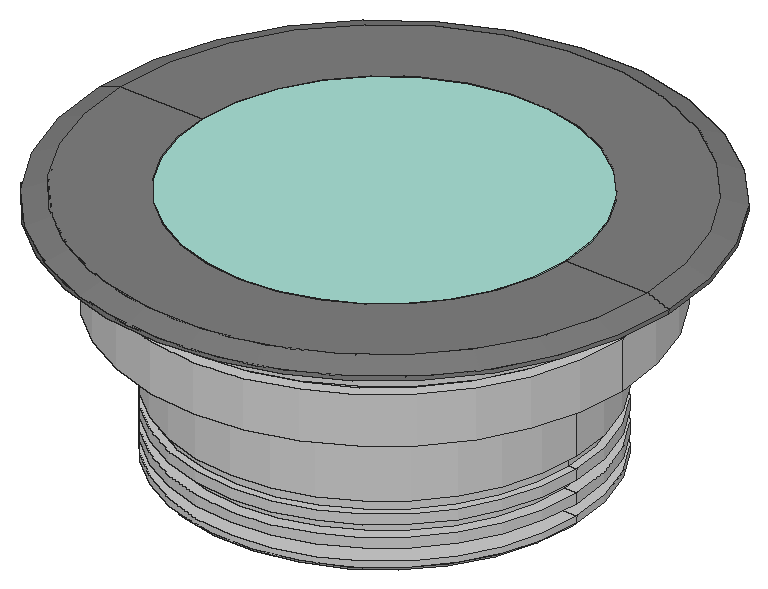
Revit family "Bright 5.F", category Lighting Fixtures, host Face, Revit 2017 (continued)
Types (16, lengths in mm): name | Wattage | Power | Photometric Web File | Optics | built-in parameter 1150142 | built-in parameter 1150105 | Lumens | built-in parameter 1150106 | Apparent Load Phase 1
    0.00 0.00 0.00 0.00 0.00 0.00 0.00 0.00 0.00 0.00 \r\n0.00 \r\n4679.93 4596.21 4437.11 4166.63 3811.28 3429.05 3033.84 \r\n2618.55 2238.60 1877.28 1573.75 1316.87 1084.91 904.01 \r\n761.41 645.68 554.57 476.78 412.32 360.19 313.83 274.26 \r\n241.39 211.42 185.93 163.50 143.48 127.13 112.41 99.50 \r\n88.57 79.17 70.60 63.05 56.58 50.65 45.14 40.13 35.25 \r\n30.97 27.41 24.25 21.84 19.93 18.32 16.83 15.42 14.15 \r\n12.88 11.62 10.45 9.21 7.99 6.91 5.97 5.17 4.46 3.84 3.35 \r\n2.93 2.59 2.32 2.08 1.88 1.70 1.53 1.39 1.25 1.13 1.02 \r\n0.91 0.80 0.68 0.57 0.47 0.40 0.35 0.32 0.29 0.26 0.24 \r\n0.22 0.20 0.18 0.16 0.14 0.12 0.10 0.06 0.02 0.01 0.00 \r\n0.00 0.00 0.00 0.00 0.00 0.00 0.00 0.00 0.00 0.00 0.00 \r\n0.00 0.00 0.00 0.00 0.00 0.00 0.00 0.00 0.00 0.00 0.00 \r\n0.00 0.00 0.00 0.00 0.00 0.00 0.00 0.00 0.00 0.00 0.00 \r\n0.00 0.00 0.00 0.00 0.00 0.00 0.00 0.00 0.00 0.00 0.00 \r\n0.00 0.00 0.00 0.00 0.00 0.00 0.00 0.00 0.00 0.00 0.00 \r\n0.00 0.00 0.00 0.00 0.00 0.00 0.00 0.00 0.00 0.00 0.00 \r\n0.00 0.00 0.00 0.00 0.00 0.00 0.00 0.00 0.00 0.00 0.00 \r\n0.00 0.00 0.00 0.00 0.00 0.00 0.00 0.00 0.00 0.00 0.00 \r\n0.00 \r\n4679.93 4594.67 4394.47 4132.98 3775.99 3385.01 2982.79 \r\n2601.19 2206.29 1844.73 1537.55 1275.99 1053.30 872.78 \r\n738.22 623.89 535.33 459.67 399.69 347.45 302.36 264.40 \r\n232.64 203.32 178.02 156.37 137.93 122.04 107.35 95.47 \r\n84.86 75.73 67.67 60.64 54.37 49.07 43.80 38.83 34.28 \r\n30.33 26.95 24.03 21.63 19.70 18.06 16.58 15.26 13.92 \r\n12.65 11.36 10.02 8.71 7.64 6.66 5.86 5.18 4.56 4.01 3.48 \r\n3.01 2.63 2.35 2.11 1.90 1.72 1.56 1.41 1.27 1.15 1.04 \r\n0.92 0.81 0.70 0.58 0.48 0.40 0.35 0.32 0.29 0.26 0.24 \r\n0.22 0.20 0.18 0.16 0.14 0.12 0.10 0.07 0.04 0.01 0.00 \r\n0.00 0.00 0.00 0.00 0.00 0.00 0.00 0.00 0.00 0.00 0.00 \r\n0.00 0.00 0.00 0.00 0.00 0.00 0.00 0.00 0.00 0.00 0.00 \r\n0.00 0.00 0.00 0.00 0.00 0.00 0.00 0.00 0.00 0.00 0.00 \r\n0.00 0.00 0.00 0.00 0.00 0.00 0.00 0.00 0.00 0.00 0.00 \r\n0.00 0.00 0.00 0.00 0.00 0.00 0.00 0.00 0.00 0.00 0.00 \r\n0.00 0.00 0.00 0.00 0.00 0.00 0.00 0.00 0.00 0.00 0.00 \r\n0.00 0.00 0.00 0.00 0.00 0.00 0.00 0.00 0.00 0.00 0.00 \r\n0.00 0.00 0.00 0.00 0.00 0.00 0.00 0.00 0.00 0.00 0.00 \r\n0.00 \r\n4679.93 4606.64 4420.25 4134.34 3780.17 3370.53 2944.97 \r\n2540.94 2148.63 1787.98 1480.48 1216.59 1010.36 836.16 \r\n701.64 599.21 509.14 440.10 380.14 331.76 289.95 252.05 \r\n220.23 192.96 169.57 148.77 130.89 115.22 102.07 90.48 \r\n80.53 71.85 64.17 57.72 52.00 46.68 41.75 37.11 33.06 \r\n29.60 26.34 23.66 21.41 19.44 17.71 16.23 14.78 13.39 \r\n11.98 10.56 9.30 8.22 7.28 6.45 5.74 5.09 4.51 3.98 3.51 \r\n3.07 2.71 2.39 2.12 1.90 1.73 1.57 1.42 1.29 1.16 1.02 \r\n0.90 0.79 0.68 0.57 0.47 0.40 0.34 0.31 0.28 0.26 0.24 \r\n0.22 0.20 0.18 0.16 0.14 0.12 0.10 0.07 0.03 0.01 0.00 \r\n0.00 0.00 0.00 0.00 0.00 0.00 0.00 0.00 0.00 0.00 0.00 \r\n0.00 0.00 0.00 0.00 0.00 0.00 0.00 0.00 0.00 0.00 0.00 \r\n0.00 0.00 0.00 0.00 0.00 0.00 0.00 0.00 0.00 0.00 0.00 \r\n0.00 0.00 0.00 0.00 0.00 0.00 0.00 0.00 0.00 0.00 0.00 \r\n0.00 0.00 0.00 0.00 0.00 0.00 0.00 0.00 0.00 0.00 0.00 \r\n0.00 0.00 0.00 0.00 0.00 0.00 0.00 0.00 0.00 0.00 0.00 \r\n0.00 0.00 0.00 0.00 0.00 0.00 0.00 0.00 0.00 0.00 0.00 \r\n0.00 0.00 0.00 0.00 0.00 0.00 0.00 0.00 0.00 0.00 0.00 \r\n0.00 \r\n4679.93 4589.65 4421.46 4123.53 3755.76 3349.53 2913.85 \r\n2493.96 2091.66 1734.05 1431.53 1178.52 969.72 803.64 \r\n678.42 575.52 493.35 424.56 368.08 321.21 279.18 243.70 \r\n213.12 185.67 162.79 143.27 125.67 110.86 98.38 87.33 \r\n77.72 69.40 62.37 56.06 50.30 45.20 40.34 36.00 32.42 \r\n29.15 26.30 23.81 21.54 19.52 17.58 15.79 14.17 12.64 \r\n11.25 10.03 8.89 7.97 7.16 6.37 5.69 5.06 4.47 3.96 3.51 \r\n3.13 2.78 2.46 2.18 1.94 1.75 1.60 1.44 1.29 1.15 1.00 \r\n0.88 0.78 0.67 0.56 0.47 0.39 0.34 0.31 0.28 0.25 0.23 \r\n0.21 0.20 0.18 0.16 0.14 0.12 0.10 0.07 0.04 0.01 0.00 \r\n0.00 0.00 0.00 0.00 0.00 0.00 0.00 0.00 0.00 0.00 0.00 \r\n0.00 0.00 0.00 0.00 0.00 0.00 0.00 0.00 0.00 0.00 0.00 \r\n0.00 0.00 0.00 0.00 0.00 0.00 0.00 0.00 0.00 0.00 0.00 \r\n0.00 0.00 0.00 0.00 0.00 0.00 0.00 0.00 0.00 0.00 0.00 \r\n0.00 0.00 0.00 0.00 0.00 0.00 0.00 0.00 0.00 0.00 0.00 \r\n0.00 0.00 0.00 0.00 0.00 0.00 0.00 0.00 0.00 0.00 0.00 \r\n0.00 0.00 0.00 0.00 0.00 0.00 0.00 0.00 0.00 0.00 0.00 \r\n0.00 0.00 0.00 0.00 0.00 0.00 0.00 0.00 0.00 0.00 0.00 \r\n0.00 \r\n4679.93 4584.74 4399.64 4104.60 3735.99 3320.79 2886.98 \r\n2465.67 2063.49 1711.66 1407.99 1160.64 954.67 786.52 \r\n663.94 561.81 481.76 416.22 360.64 313.53 273.19 237.62 \r\n208.16 181.84 159.12 140.05 123.29 108.45 95.61 85.45 \r\n76.15 67.92 60.95 54.77 49.34 44.50 39.82 35.59 32.00 \r\n29.00 26.46 23.96 21.69 19.47 17.29 15.33 13.54 12.00 \r\n10.72 9.61 8.67 7.86 7.07 6.34 5.66 5.04 4.48 3.96 3.53 \r\n3.16 2.82 2.53 2.24 1.98 1.78 1.61 1.43 1.27 1.13 1.00 \r\n0.88 0.77 0.66 0.55 0.46 0.39 0.34 0.30 0.28 0.25 0.23 \r\n0.21 0.19 0.17 0.16 0.14 0.12 0.10 0.07 0.03 0.01 0.00 \r\n0.00 0.00 0.00 0.00 0.00 0.00 0.00 0.00 0.00 0.00 0.00 \r\n0.00 0.00 0.00 0.00 0.00 0.00 0.00 0.00 0.00 0.00 0.00 \r\n0.00 0.00 0.00 0.00 0.00 0.00 0.00 0.00 0.00 0.00 0.00 \r\n0.00 0.00 0.00 0.00 0.00 0.00 0.00 0.00 0.00 0.00 0.00 \r\n0.00 0.00 0.00 0.00 0.00 0.00 0.00 0.00 0.00 0.00 0.00 \r\n0.00 0.00 0.00 0.00 0.00 0.00 0.00 0.00 0.00 0.00 0.00 \r\n0.00 0.00 0.00 0.00 0.00 0.00 0.00 0.00 0.00 0.00 0.00 \r\n0.00 0.00 0.00 0.00 0.00 0.00 0.00 0.00 0.00 0.00 0.00 \r\n0.00 \r\n4679.93 4596.82 4415.17 4109.70 3733.12 3333.77 2879.85 \r\n2450.55 2059.37 1692.81 1388.10 1159.16 947.58 782.65 \r\n661.21 556.71 479.98 414.24 359.04 313.35 271.42 236.21 \r\n206.43 180.47 159.22 139.04 122.10 107.42 94.99 84.68 \r\n75.64 67.63 60.89 54.79 49.10 44.18 39.60 35.44 32.03 \r\n29.02 26.57 24.21 21.81 19.57 17.28 15.21 13.38 11.77 \r\n10.57 9.57 8.68 7.86 7.05 6.31 5.66 5.07 4.50 3.99 3.55 \r\n3.18 2.84 2.54 2.30 2.07 1.82 1.58 1.41 1.26 1.13 1.01 \r\n0.88 0.76 0.66 0.56 0.46 0.39 0.34 0.30 0.28 0.25 0.23 \r\n0.21 0.19 0.18 0.16 0.14 0.12 0.10 0.07 0.03 0.01 0.00 \r\n0.00 0.00 0.00 0.00 0.00 0.00 0.00 0.00 0.00 0.00 0.00 \r\n0.00 0.00 0.00 0.00 0.00 0.00 0.00 0.00 0.00 0.00 0.00 \r\n0.00 0.00 0.00 0.00 0.00 0.00 0.00 0.00 0.00 0.00 0.00 \r\n0.00 0.00 0.00 0.00 0.00 0.00 0.00 0.00 0.00 0.00 0.00 \r\n0.00 0.00 0.00 0.00 0.00 0.00 0.00 0.00 0.00 0.00 0.00 \r\n0.00 0.00 0.00 0.00 0.00 0.00 0.00 0.00 0.00 0.00 0.00 \r\n0.00 0.00 0.00 0.00 0.00 0.00 0.00 0.00 0.00 0.00 0.00 \r\n0.00 0.00 0.00 0.00 0.00 0.00 0.00 0.00 0.00 0.00 0.00 \r\n0.00 \r\n4679.93 4584.74 4399.64 4104.60 3735.99 3320.79 2886.98 \r\n2465.67 2063.49 1711.66 1407.99 1160.64 954.67 786.52 \r\n663.94 561.81 481.76 416.22 360.64 313.53 273.19 237.62 \r\n208.16 181.84 159.12 140.05 123.29 108.45 95.61 85.45 \r\n76.15 67.92 60.95 54.77 49.34 44.50 39.82 35.59 32.00 \r\n29.00 26.46 23.96 21.69 19.47 17.29 15.33 13.54 12.00 \r\n10.72 9.61 8.67 7.86 7.07 6.34 5.66 5.04 4.48 3.96 3.53 \r\n3.16 2.82 2.53 2.24 1.98 1.78 1.61 1.43 1.27 1.13 1.00 \r\n0.88 0.77 0.66 0.55 0.46 0.39 0.34 0.30 0.28 0.25 0.23 \r\n0.21 0.19 0.17 0.16 0.14 0.12 0.10 0.07 0.03 0.01 0.00 \r\n0.00 0.00 0.00 0.00 0.00 0.00 0.00 0.00 0.00 0.00 0.00 \r\n0.00 0.00 0.00 0.00 0.00 0.00 0.00 0.00 0.00 0.00 0.00 \r\n0.00 0.00 0.00 0.00 0.00 0.00 0.00 0.00 0.00 0.00 0.00 \r\n0.00 0.00 0.00 0.00 0.00 0.00 0.00 0.00 0.00 0.00 0.00 \r\n0.00 0.00 0.00 0.00 0.00 0.00 0.00 0.00 0.00 0.00 0.00 \r\n0.00 0.00 0.00 0.00 0.00 0.00 0.00 0.00 0.00 0.00 0.00 \r\n0.00 0.00 0.00 0.00 0.00 0.00 0.00 0.00 0.00 0.00 0.00 \r\n0.00 0.00 0.00 0.00 0.00 0.00 0.00 0.00 0.00 0.00 0.00 \r\n0.00 \r\n4679.93 4589.65 4421.46 4123.53 3755.76 3349.53 2913.85 \r\n2493.96 2091.66 1734.05 1431.53 1178.52 969.72 803.64 \r\n678.42 575.52 493.35 424.56 368.08 321.21 279.18 243.70 \r\n213.12 185.67 162.79 143.27 125.67 110.86 98.38 87.33 \r\n77.72 69.40 62.37 56.06 50.30 45.20 40.34 36.00 32.42 \r\n29.15 26.30 23.81 21.54 19.52 17.58 15.79 14.17 12.64 \r\n11.25 10.03 8.89 7.97 7.16 6.37 5.69 5.06 4.47 3.96 3.51 \r\n3.13 2.78 2.46 2.18 1.94 1.75 1.60 1.44 1.29 1.15 1.00 \r\n0.88 0.78 0.67 0.56 0.47 0.39 0.34 0.31 0.28 0.25 0.23 \r\n0.21 0.20 0.18 0.16 0.14 0.12 0.10 0.07 0.04 0.01 0.00 \r\n0.00 0.00 0.00 0.00 0.00 0.00 0.00 0.00 0.00 0.00 0.00 \r\n0.00 0.00 0.00 0.00 0.00 0.00 0.00 0.00 0.00 0.00 0.00 \r\n0.00 0.00 0.00 0.00 0.00 0.00 0.00 0.00 0.00 0.00 0.00 \r\n0.00 0.00 0.00 0.00 0.00 0.00 0.00 0.00 0.00 0.00 0.00 \r\n0.00 0.00 0.00 0.00 0.00 0.00 0.00 0.00 0.00 0.00 0.00 \r\n0.00 0.00 0.00 0.00 0.00 0.00 0.00 0.00 0.00 0.00 0.00 \r\n0.00 0.00 0.00 0.00 0.00 0.00 0.00 0.00 0.00 0.00 0.00 \r\n0.00 0.00 0.00 0.00 0.00 0.00 0.00 0.00 0.00 0.00 0.00 \r\n0.00 \r\n4679.93 4606.64 4420.25 4134.34 3780.17 3370.53 2944.97 \r\n2540.94 2148.63 1787.98 1480.48 1216.59 1010.36 836.16 \r\n701.64 599.21 509.14 440.10 380.14 331.76 289.95 252.05 \r\n220.23 192.96 169.57 148.77 130.89 115.22 102.07 90.48 \r\n80.53 71.85 64.17 57.72 52.00 46.68 41.75 37.11 33.06 \r\n29.60 26.34 23.66 21.41 19.44 17.71 16.23 14.78 13.39 \r\n11.98 10.56 9.30 8.22 7.28 6.45 5.74 5.09 4.51 3.98 3.51 \r\n3.07 2.71 2.39 2.12 1.90 1.73 1.57 1.42 1.29 1.16 1.02 \r\n0.90 0.79 0.68 0.57 0.47 0.40 0.34 0.31 0.28 0.26 0.24 \r\n0.22 0.20 0.18 0.16 0.14 0.12 0.10 0.07 0.03 0.01 0.00 \r\n0.00 0.00 0.00 0.00 0.00 0.00 0.00 0.00 0.00 0.00 0.00 \r\n0.00 0.00 0.00 0.00 0.00 0.00 0.00 0.00 0.00 0.00 0.00 \r\n0.00 0.00 0.00 0.00 0.00 0.00 0.00 0.00 0.00 0.00 0.00 \r\n0.00 0.00 0.00 0.00 0.00 0.00 0.00 0.00 0.00 0.00 0.00 \r\n0.00 0.00 0.00 0.00 0.00 0.00 0.00 0.00 0.00 0.00 0.00 \r\n0.00 0.00 0.00 0.00 0.00 0.00 0.00 0.00 0.00 0.00 0.00 \r\n0.00 0.00 0.00 0.00 0.00 0.00 0.00 0.00 0.00 0.00 0.00 \r\n0.00 0.00 0.00 0.00 0.00 0.00 0.00 0.00 0.00 0.00 0.00 \r\n0.00 \r\n4679.93 4594.67 4394.47 4132.98 3775.99 3385.01 2982.79 \r\n2601.19 2206.29 1844.73 1537.55 1275.99 1053.30 872.78 \r\n738.22 623.89 535.33 459.67 399.69 347.45 302.36 264.40 \r\n232.64 203.32 178.02 156.37 137.93 122.04 107.35 95.47 \r\n84.86 75.73 67.67 60.64 54.37 49.07 43.80 38.83 34.28 \r\n30.33 26.95 24.03 21.63 19.70 18.06 16.58 15.26 13.92 \r\n12.65 11.36 10.02 8.71 7.64 6.66 5.86 5.18 4.56 4.01 3.48 \r\n3.01 2.63 2.35 2.11 1.90 1.72 1.56 1.41 1.27 1.15 1.04 \r\n0.92 0.81 0.70 0.58 0.48 0.40 0.35 0.32 0.29 0.26 0.24 \r\n0.22 0.20 0.18 0.16 0.14 0.12 0.10 0.07 0.04 0.01 0.00 \r\n0.00 0.00 0.00 0.00 0.00 0.00 0.00 0.00 0.00 0.00 0.00 \r\n0.00 0.00 0.00 0.00 0.00 0.00 0.00 0.00 0.00 0.00 0.00 \r\n0.00 0.00 0.00 0.00 0.00 0.00 0.00 0.00 0.00 0.00 0.00 \r\n0.00 0.00 0.00 0.00 0.00 0.00 0.00 0.00 0.00 0.00 0.00 \r\n0.00 0.00 0.00 0.00 0.00 0.00 0.00 0.00 0.00 0.00 0.00 \r\n0.00 0.00 0.00 0.00 0.00 0.00 0.00 0.00 0.00 0.00 0.00 \r\n0.00 0.00 0.00 0.00 0.00 0.00 0.00 0.00 0.00 0.00 0.00 \r\n0.00 0.00 0.00 0.00 0.00 0.00 0.00 0.00 0.00 0.00 0.00 \r\n0.00 \r\n4679.93 4596.21 4437.11 4166.63 3811.28 3429.05 3033.84 \r\n2618.55 2238.60 1877.28 1573.75 1316.87 1084.91 904.01 \r\n761.41 645.68 554.57 476.78 412.32 360.19 313.83 274.26 \r\n241.39 211.42 185.93 163.50 143.48 127.13 112.41 99.50 \r\n88.57 79.17 70.60 63.05 56.58 50.65 45.14 40.13 35.25 \r\n30.97 27.41 24.25 21.84 19.93 18.32 16.83 15.42 14.15 \r\n12.88 11.62 10.45 9.21 7.99 6.91 5.97 5.17 4.46 3.84 3.35 \r\n2.93 2.59 2.32 2.08 1.88 1.70 1.53 1.39 1.25 1.13 1.02 \r\n0.91 0.80 0.68 0.57 0.47 0.40 0.35 0.32 0.29 0.26 0.24 \r\n0.22 0.20 0.18 0.16 0.14 0.12 0.10 0.06 0.02 0.01 0.00 \r\n0.00 0.00 0.00 0.00 0.00 0.00 0.00 0.00 0.00 0.00 0.00 \r\n0.00 0.00 0.00 0.00 0.00 0.00 0.00 0.00 0.00 0.00 0.00 \r\n0.00 0.00 0.00 0.00 0.00 0.00 0.00 0.00 0.00 0.00 0.00 \r\n0.00 0.00 0.00 0.00 0.00 0.00 0.00 0.00 0.00 0.00 0.00 \r\n0.00 0.00 0.00 0.00 0.00 0.00 0.00 0.00 0.00 0.00 0.00 \r\n0.00 0.00 0.00 0.00 0.00 0.00 0.00 0.00 0.00 0.00 0.00 \r\n0.00 0.00 0.00 0.00 0.00 0.00 0.00 0.00 0.00 0.00 0.00 \r\n0.00 0.00 0.00 0.00 0.00 0.00 0.00 0.00 0.00 0.00 0.00 \r\n0.00 \r\n4679.93 4612.96 4414.98 4167.98 3860.13 3510.92 3132.28 \r\n2752.81 2393.35 2044.18 1732.63 1466.52 1225.21 1024.93 \r\n866.61 735.28 626.91 537.27 464.19 403.25 352.66 308.40 \r\n271.21 238.10 209.74 183.98 161.58 142.92 126.68 112.05 \r\n99.77 88.97 79.22 70.66 62.98 56.37 50.36 44.52 39.17 \r\n34.27 29.96 26.31 23.39 21.29 19.45 17.79 16.29 14.91 \r\n13.57 12.37 11.14 9.98 8.81 7.67 6.54 5.46 4.61 3.93 3.43 \r\n3.04 2.70 2.41 2.16 1.94 1.75 1.58 1.43 1.29 1.16 1.05 \r\n0.96 0.85 0.72 0.61 0.51 0.43 0.37 0.33 0.30 0.27 0.25 \r\n0.23 0.21 0.19 0.17 0.15 0.13 0.10 0.07 0.03 0.01 0.00 \r\n0.00 0.00 0.00 0.00 0.00 0.00 0.00 0.00 0.00 0.00 0.00 \r\n0.00 0.00 0.00 0.00 0.00 0.00 0.00 0.00 0.00 0.00 0.00 \r\n0.00 0.00 0.00 0.00 0.00 0.00 0.00 0.00 0.00 0.00 0.00 \r\n0.00 0.00 0.00 0.00 0.00 0.00 0.00 0.00 0.00 0.00 0.00 \r\n0.00 0.00 0.00 0.00 0.00 0.00 0.00 0.00 0.00 0.00 0.00 \r\n0.00 0.00 0.00 0.00 0.00 0.00 0.00 0.00 0.00 0.00 0.00 \r\n0.00 0.00 0.00 0.00 0.00 0.00 0.00 0.00 0.00 0.00 0.00 \r\n0.00 0.00 0.00 0.00 0.00 0.00 0.00 0.00 0.00 0.00 0.00 \r\n0.00 \r\n4679.93 4603.44 4468.09 4271.71 3987.97 3652.93 3291.70 \r\n2929.90 2565.74 2215.12 1891.83 1610.61 1354.53 1146.44 \r\n973.50 822.85 704.30 602.87 520.61 450.56 392.05 343.90 \r\n301.87 264.86 232.48 204.14 180.26 159.63 141.48 125.21 \r\n111.15 98.99 87.71 78.36 69.63 62.22 55.33 48.99 43.09 \r\n37.68 32.84 28.67 25.25 22.66 20.59 18.79 17.18 15.64 \r\n14.17 12.80 11.48 10.18 8.94 7.75 6.70 5.73 4.89 4.17 \r\n3.59 3.14 2.79 2.49 2.23 2.00 1.80 1.62 1.47 1.32 1.19 \r\n1.07 0.96 0.86 0.74 0.63 0.52 0.44 0.38 0.34 0.31 0.28 \r\n0.26 0.23 0.21 0.19 0.17 0.15 0.13 0.11 0.08 0.03 0.01 \r\n0.00 0.00 0.00 0.00 0.00 0.00 0.00 0.00 0.00 0.00 0.00 \r\n0.00 0.00 0.00 0.00 0.00 0.00 0.00 0.00 0.00 0.00 0.00 \r\n0.00 0.00 0.00 0.00 0.00 0.00 0.00 0.00 0.00 0.00 0.00 \r\n0.00 0.00 0.00 0.00 0.00 0.00 0.00 0.00 0.00 0.00 0.00 \r\n0.00 0.00 0.00 0.00 0.00 0.00 0.00 0.00 0.00 0.00 0.00 \r\n0.00 0.00 0.00 0.00 0.00 0.00 0.00 0.00 0.00 0.00 0.00 \r\n0.00 0.00 0.00 0.00 0.00 0.00 0.00 0.00 0.00 0.00 0.00 \r\n0.00 0.00 0.00 0.00 0.00 0.00 0.00 0.00 0.00 0.00 0.00 \r\n0.00 0.00 \r\n4679.93 4615.22 4513.12 4303.82 4039.32 3735.65 3403.38 \r\n3055.09 2702.43 2370.32 2055.87 1785.80 1521.40 1292.00 \r\n1105.85 945.17 813.02 695.15 597.47 518.06 448.22 389.39 \r\n342.36 298.70 263.41 231.04 203.65 179.92 159.00 141.04 \r\n125.30 111.15 98.84 87.82 78.02 69.51 61.67 54.59 48.01 \r\n42.02 36.54 31.97 27.96 24.83 22.25 20.13 18.21 16.49 \r\n14.85 13.27 11.77 10.32 9.01 7.77 6.76 5.91 5.16 4.48 \r\n3.88 3.35 2.93 2.60 2.33 2.10 1.89 1.69 1.52 1.37 1.24 \r\n1.11 0.98 0.87 0.76 0.64 0.54 0.45 0.39 0.35 0.32 0.29 \r\n0.26 0.24 0.22 0.20 0.18 0.15 0.13 0.11 0.08 0.04 0.01 \r\n0.00 0.00 0.00 0.00 0.00 0.00 0.00 0.00 0.00 0.00 0.00 \r\n0.00 0.00 0.00 0.00 0.00 0.00 0.00 0.00 0.00 0.00 0.00 \r\n0.00 0.00 0.00 0.00 0.00 0.00 0.00 0.00 0.00 0.00 0.00 \r\n0.00 0.00 0.00 0.00 0.00 0.00 0.00 0.00 0.00 0.00 0.00 \r\n0.00 0.00 0.00 0.00 0.00 0.00 0.00 0.00 0.00 0.00 0.00 \r\n0.00 0.00 0.00 0.00 0.00 0.00 0.00 0.00 0.00 0.00 0.00 \r\n0.00 0.00 0.00 0.00 0.00 0.00 0.00 0.00 0.00 0.00 0.00 \r\n0.00 0.00 0.00 0.00 0.00 0.00 0.00 0.00 0.00 0.00 0.00 \r\n0.00 0.00 \r\n4679.93 4649.54 4527.57 4346.71 4105.69 3838.08 3523.87 \r\n3198.05 2883.73 2566.97 2266.98 1988.07 1719.63 1493.69 \r\n1298.89 1115.76 959.47 825.81 711.83 614.75 531.59 461.33 \r\n401.77 350.00 306.29 267.25 235.12 207.41 183.11 162.80 \r\n143.59 127.65 113.69 100.88 89.39 79.20 70.03 61.85 54.36 \r\n47.81 41.76 36.39 31.91 27.97 24.72 21.97 19.66 17.58 \r\n15.68 13.85 12.15 10.60 9.26 8.07 7.02 6.16 5.44 4.80 \r\n4.20 3.67 3.20 2.80 2.47 2.22 1.99 1.79 1.61 1.44 1.29 \r\n1.14 1.00 0.88 0.77 0.66 0.56 0.47 0.41 0.36 0.33 0.30 \r\n0.27 0.25 0.23 0.20 0.18 0.16 0.14 0.11 0.08 0.03 0.01 \r\n0.00 0.00 0.00 0.00 0.00 0.00 0.00 0.00 0.00 0.00 0.00 \r\n0.00 0.00 0.00 0.00 0.00 0.00 0.00 0.00 0.00 0.00 0.00 \r\n0.00 0.00 0.00 0.00 0.00 0.00 0.00 0.00 0.00 0.00 0.00 \r\n0.00 0.00 0.00 0.00 0.00 0.00 0.00 0.00 0.00 0.00 0.00 \r\n0.00 0.00 0.00 0.00 0.00 0.00 0.00 0.00 0.00 0.00 0.00 \r\n0.00 0.00 0.00 0.00 0.00 0.00 0.00 0.00 0.00 0.00 0.00 \r\n0.00 0.00 0.00 0.00 0.00 0.00 0.00 0.00 0.00 0.00 0.00 \r\n0.00 0.00 0.00 0.00 0.00 0.00 0.00 0.00 0.00 0.00 0.00 \r\n0.00 0.00 \r\n4679.93 4655.39 4549.50 4388.01 4178.50 3936.28 3657.28 \r\n3368.15 3080.53 2781.91 2503.69 2235.76 1975.11 1746.19 \r\n1538.76 1348.72 1172.57 1017.50 882.38 764.62 658.24 \r\n567.43 491.64 426.85 370.66 322.12 281.86 246.29 217.40 \r\n190.34 168.65 149.15 132.07 117.21 103.90 92.34 81.45 \r\n71.89 63.11 55.21 48.12 42.28 36.93 32.38 28.37 24.73 \r\n21.61 19.01 16.76 14.68 12.79 11.20 9.79 8.53 7.51 6.60 \r\n5
